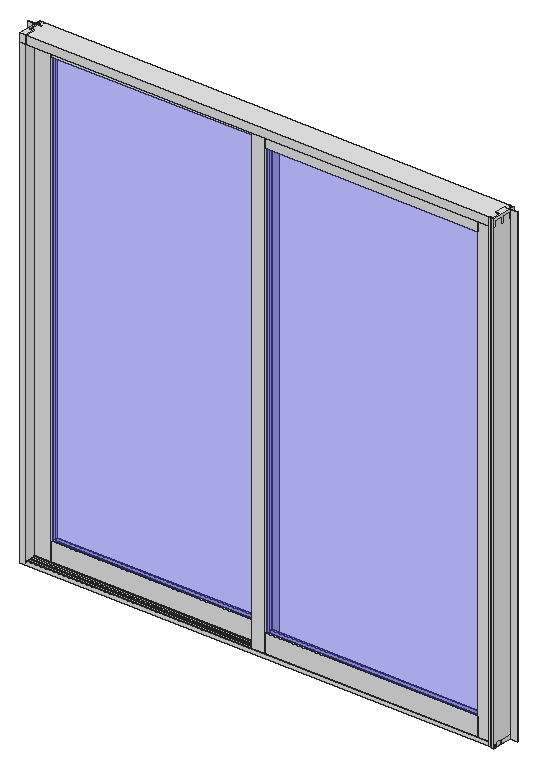
Revit family "Standard-Nail-On-XX-Sliding-Door-with-Low-Sill-and-Standard-Hardware", category Doors, host Wall, Revit 2026
Family settings
  Host = Wall
  Classification Number = 23.30.10.14.11
  Always vertical = Yes
  Cut with Voids When Loaded = No
  Shared = No
  Room Calculation Point = No
Parameters (values of type "2 Panel Sliding Door - XX")
  Wall Thickness [instance] = 0' - 6"
  URL = "https://www.allweatheraa.com/"
  Type Comments = "Multi-Panel Sliding Door"  # constant formula
  CD_Width Panel = ((CD_Width Opening + (0' 2 39/64" * (CD_Number of Panels - 1))) / CD_Number of Panels)  # 4' - 0.93164"
  CD_Width Opening = CD_Width - 0' 0 191/256"  # 7' - 11 65/256"
  CD_Width Min Panel = 2' - 8"  # constant formula
  CD_Width Min = (2 * CD_Width Min Panel) + 0' 0 3/4"  # 5' - 4 3/4"
  CD_Width Max Panel = 8' - 0"  # constant formula
  CD_Width Max = (2 * CD_Width Max Panel) + 0' 0 3/4"  # 16' - 0 3/4"
  CD_Width = if(CD_Requested Width > CD_Width Max, CD_Width Max, if(CD_Requested Width < CD_Width Min, CD_Width Min, CD_Requested Width))  # 8' - 0"
  CD_Warranty = "https://www.allweatheraa.com/warranties/"
  CD_Thickness = 0' - 4"  # constant formula
  CD_Specification = "http://allweatheraa.com/specs-cad-bim/"
  CD_Sill Height = 0' - 0 3/4"  # constant formula
  CD_Product Page URL = "https://www.allweatheraa.com/product-series-8150/"
  CD_Product Name = "Series 8150"  # constant formula
  CD_Product Documentation Link = "https://www.allweatheraa.com/architectural-manual/"
  CD_Microsite = "https://microsite.caddetails.com/4461/"
  CD_Jamb Width Right = 0' - 1 1/8"  # constant formula
  CD_Jamb Width Left = 0' - 1 1/8"  # constant formula
  CD_Jamb Extensions Depth [instance] = if(CD_Jamb Extensions Calc > 0' 0 1/8", CD_Jamb Extensions Calc, 0' 0 1/8")  # 0' - 2"
  CD_Jamb Extensions Calc [instance] = Wall Thickness - (CD_Thickness) + CD_Offset - CD_Inset  # 0' - 2"
  CD_Finish Jamb Ext = Wood-By_Others
  Thickness = CD_Thickness  # 0' - 4"
  Rough Width = CD_Width + 0' 0 1/2"  # 8' - 0 1/2"
  Rough Height = CD_Height + 0' 0 1/2"  # 8' - 0 1/2"
  Operation = "Sliding"
  Model = "XX"  # constant formula
  Manufacturer = "All Weather Architectural Aluminum"  # constant formula
  Interior Trim = no
  Function = Exterior
  Frame Projection Ext. = 0' - 1"
  Frame Projection Int. = 0' - 1"
  Frame Width = 0' - 3"
  Height = CD_Height  # 8' - 0"
  Wall Closure = By host
  Width = CD_Width  # 8' - 0"
  CD_Height Panel = CD_Height - 0' 0 47/128" - 0' 1 1/16"  # 7' - 10 73/128"
  CD_Height Min Panel = 3' - 10"  # constant formula
  CD_Height Max Panel = 12' - 0"  # constant formula
  CD_Height = if(CD_Requested Height > CD_Height Max Panel + 0' 1 1/4", CD_Height Max Panel + 0' 1 1/4", if(CD_Requested Height < CD_Height Min Panel + 0' 1 1/4", CD_Height Min Panel + 0' 1 1/4", CD_Requested Height))  # 8' - 0"
  CD_Head Height = 0' - 1 73/128"  # constant formula
  CD_Finish Interior Trim = Metal-Aluminum-All_Weather-Standard-White
  CD_Finish Exterior Trim = Wood-By_Others
  Exterior Trim = no
  Description = "Thermally Broken Stacking Door"  # constant formula
  Center Panel Location = (CD_Width Panel / 2) - 0' 1 5/16"  # 1' - 11.15332"
  CD_Requested Width = 8' - 0"
  CD_Requested Height = 8' - 0"
  CD_Offset = 0' - 0"
  CD_Number of Panels = 2  # constant formula
  CD_Jamb Extension = no
  CD_Inset = 0' - 0"
  CD_Finish Glass = Glass-All_Weather-OA-Insulated_Glass
  CD_Finish = Metal-Aluminum-All_Weather-Standard-White
  Assembly Code = "B2030110"
  Analytic Construction = "<None>"
Reference planes (in)
  plane 1 "Center (Front/Back)": y = 0
  plane 2 "Center (Left/Right)": x = 0
  plane 3 "Left": x = -48
  plane 4 "Right": x = 48
  plane 5 "Top": z = 96
  plane 6 "Exterior": y = 3
  plane 7 "Interior": y = -3
  plane 8 "Nail Fin": y = 3
  plane 9 "Inset": y = 3
  plane 10 "Front": y = 3
  plane 11 "Back": y = -1
  plane 12 "Bottom of Sill": z = 0
  plane 13 "Right Jamb": x = 46.875
  plane 14 "Left Jamb": x = -46.875
  plane 15 "Bottom of Header": z = 94.42969
  plane 16 "Top of Sill": z = 0.75
  plane 17 "Exterior Doors": y = 2
  plane 18 "Interior Doors": y = 0
  plane 19 "Door Sill Offset": z = 0.3674
Forms (in)
  Extrusion 1, solid, material "Wood-By_Others" <- "CD_Finish Exterior Trim", visible <- "Exterior Trim"
    sketch origin (-90, 3, 0) x (-1, 0, 0) y (0, 0, 1)
      loop
        line (-42, 95.63672) -> (-42, 0) -> (-39, 0) -> (-39, 98.63672) -> (-141, 98.63672) -> (-141, 0) -> (-138, 0) -> (-138, 95.63672) -> (-42, 95.63672)
    from 0 to 1
  Extrusion 2, solid, material "Metal-Aluminum-All_Weather-Standard-White" <- "CD_Finish Interior Trim", visible <- "Interior Trim"
    sketch origin (-90, -3, 0) x (1, 0, 0) y (0, 0, 1)
      loop
        line (42, 0) -> (42, 95.63672) -> (138, 95.63672) -> (138, 0) -> (141, 0) -> (141, 98.63672) -> (39, 98.63672) -> (39, 0) -> (42, 0)
    from 0 to 1
  Sweep 3, solid, material "Metal-Aluminum-All_Weather-Standard-White" <- "CD_Finish", detail levels fine
    path origin (0, -1, 0) x (-1, 0, 0) y (0, 0, 1)
      loop
        line (48, 0) -> (48, 96)
    profile origin (-48, -1, 48) x (1, 0, 0) y (0, 1, 0)
      loop
        line (0, 0) -> (1.12385, 0) -> (1.12385, 2.168) -> (0.77985, 2.168) -> (0.77985, 2.043) -> (0.37385, 2.043) -> (0.37385, 3.946) -> (0.77985, 3.946) -> (0.77985, 3.856) -> (1.12385, 3.856) -> (1.12385, 4.016) -> (0.37385, 4.016) -> (0.37385, 4.884) -> (0.99885, 4.884) -> (0.99885, 4.954) -> (0, 4.954) -> (0, 4.5493) -> (0.07, 4.5493) -> (0.07, 4.884) -> (0.30385, 4.884) -> (0.30385, 4.024) -> (-1.5, 4.024) -> (-1.5, 3.954) -> (0, 3.954) -> (0, 0)
  Extrusion 4, solid, material "Wood-By_Others" <- "CD_Finish Jamb Ext", visible <- "CD_Jamb Extension"
    sketch origin (0, 0, 0) x (1, 0, 0) y (0, 0, 1)
      loop
        line (-48, 0) -> (-47.375, 0) -> (-47.375, 95.375) -> (47.375, 95.375) -> (47.375, 0) -> (48, 0) -> (48, 96) -> (-48, 96) -> (-48, 0)
    from 1 to 3
  Sweep 5, solid, material "Metal-Aluminum-All_Weather-Standard-White" <- "CD_Finish", detail levels fine
    path origin (0, 3, 0) x (-1, 0, 0) y (0, 0, 1)
      loop
        line (-48, 96) -> (48, 96)
    profile origin (0, 3, 96) x (0, 0, 1) y (0, 1, 0)
      loop
        line (0, 0.954) -> (-1.08885, 0.954) -> (-1.08885, 0.705) -> (-0.37385, 0.705) -> (-0.37385, 0.388) -> (-0.65885, 0.388) -> (-0.65885, 0.328) -> (-0.37385, 0.328) -> (-0.37385, 0.016) -> (-1.57, 0.016) -> (-1.57, -0.152) -> (-0.37385, -0.152) -> (-0.37385, -1.84) -> (-1.57, -1.84) -> (-1.57, -2.152) -> (-0.37385, -2.152) -> (-0.37385, -3.84) -> (-1.57, -3.84) -> (-1.57, -4) -> (0, -4) -> (0, 0.954)
  Sweep 6, solid, material "Metal-Aluminum-All_Weather-Standard-White" <- "CD_Finish", detail levels fine
    path origin (0, 3, 0) x (-1, 0, 0) y (0, 0, 1)
      loop
        line (-48, 0) -> (48, 0)
    profile origin (0, 3, 0) x (0, 0, 1) y (0, 1, 0)
      loop
        line (0, 0.864) -> (0, -4) -> (0.75, -4) -> (0.75, -3.84) -> (0.185, -3.84) -> (0.14641, -3.40801) -> (0.75, -3.40801) -> (0.75, -3.18981) -> (0.35379, -3.18981) -> (0.35379, -2.80325) -> (0.75, -2.80325) -> (0.75, -2.58399) -> (0.14734, -2.58399) -> (0.17792, -2.152) -> (0.75, -2.152) -> (0.75, -1.18181) -> (0.35379, -1.18181) -> (0.35379, -0.79525) -> (0.75, -0.79525) -> (0.75, 0.016) -> (0.13, 0.016) -> (0.10974, 0.328) -> (0.4048, 0.328) -> (0.4048, 0.388) -> (0.10584, 0.388) -> (0.07494, 0.864) -> (0, 0.864)
  Extrusion 7, solid, material "Metal-Aluminum-All_Weather-Standard-White" <- "CD_Finish", detail levels coarse+medium
    sketch origin (0, 3, 0) x (-1, 0, 0) y (0, 0, 1)
      loop
        line (-48, 96) -> (-48, 0) -> (48, 0) -> (48, 96) -> (-48, 96)
      loop
        line (46.875, 0.75) -> (46.875, 94.42969) -> (-46.875, 94.42969) -> (-46.875, 0.75) -> (46.875, 0.75)
    from 0 to -4
  Sweep 8, solid, material "Metal-Aluminum-All_Weather-Standard-White" <- "CD_Finish", detail levels fine
    path origin (0, -1, 0) x (1, 0, 0) y (0, 0, 1)
      loop
        line (48, 0) -> (48, 96)
    profile origin (48, -1, 48) x (1, 0, 0) y (0, 1, 0)
      loop
        line (0, 0) -> (0, 3.954) -> (1.5, 3.954) -> (1.5, 4.024) -> (-0.30385, 4.024) -> (-0.30385, 4.884) -> (-0.07, 4.884) -> (-0.07, 4.5493) -> (0, 4.5493) -> (0, 4.954) -> (-0.99885, 4.954) -> (-0.99885, 4.884) -> (-0.37385, 4.884) -> (-0.37385, 4.016) -> (-1.12385, 4.016) -> (-1.12385, 1.84816) -> (-0.77985, 1.84816) -> (-0.77985, 1.93816) -> (-0.37385, 1.93816) -> (-0.37385, 0.03516) -> (-0.77985, 0.03516) -> (-0.77985, 0.16016) -> (-1.12385, 0.16016) -> (-1.12385, 0) -> (0, 0)
Cuts and joins
  joined: Sweep 3, Sweep 6
Lines and regions (in)
  Opening 1
    outline origin (-90, -3, 0) x (1, 0, 0) y (0, 0, 1)
      loop
        line (42, 0) -> (138, 0) -> (138, 96) -> (42, 96) -> (42, 0)
  Masking region 1, visible <- "CD_Jamb Extension"
    outline origin (0, 0, 0) x (0, 1, 0) y (0, 0, 1)
      loop
        line (-1, 96) -> (-3, 96) -> (-3, 95.375) -> (-1, 95.375) -> (-1, 96)
  Masking region 2, visible <- "CD_Jamb Extension"
    outline origin (0, 0, 0) x (1, 0, 0) y (0, 1, 0)
      loop
        line (48, -3) -> (48, -1) -> (47.375, -1) -> (47.375, -3) -> (48, -3)
      loop
        line (-48, -3) -> (-47.375, -3) -> (-47.375, -1) -> (-48, -1) -> (-48, -3)
Text (in)
  text "Exterior" at (-74.96733, 27.31104, 0), in view "Ref. Level"
  text "Interior" at (-74.96733, -25.14366, 0), in view "Ref. Level"
  text "Exterior" at (0, 40.15149, 123.01588), in view "Right"
  text "Interior" at (0, -64.39139, 123.01588), in view "Right"
  text "Interior" at (0, -31.01599, 123.00693), in view "Left"
  text "Exterior" at (0, 54.57065, 123.00693), in view "Left"
Dimensions and locks (in)
  equal spacing: plane 3 "Left", plane 2 "Center (Left/Right)", plane 4 "Right"
  "Height": level to plane 5 "Top"
  "Width": plane 3 "Left" to plane 4 "Right"
  "Frame Width": Extrusion 2 sketch curve to plane 3 "Left"
  "Frame Width": Extrusion 2 sketch curve to plane 4 "Right"
  "Frame Width": Extrusion 1 sketch curve to Extrusion 1 sketch curve  (x3)
  host wall to plane 5 "Top" = 8' - 0"
  "Frame Projection Int.": Extrusion 2 to host wall
  "Frame Projection Ext.": Extrusion 1 to host wall
  "CD_Offset": plane 8 "Nail Fin" to plane 9 "Inset"
  "CD_Inset": plane 6 "Exterior" to plane 9 "Inset"
  locked: plane 10 "Front" to plane 8 "Nail Fin" at 0
  "Thickness": plane 10 "Front" to plane 11 "Back"
  plane 12 "Bottom of Sill" to level = 0' - 0"
  locked: Extrusion 1 sketch curve to plane 5 "Top" at 0.36328
  locked: Extrusion 2 sketch curve to plane 5 "Top" at 0.36328
  "Frame Width": Extrusion 2 sketch curve to Extrusion 2 sketch curve
  plane 5 "Top" to level = 8' - 0"
  locked: Extrusion 4 sketch curve to Extrusion 2 at 0.625  (x2)
  locked: plane 5 "Top" to Extrusion 4 sketch curve at 0.625
  "CD_Jamb Extensions Depth": Extrusion 4 to Extrusion 4
  "Wall Thickness": host wall to host wall
  plane 3 "Left" to plane 4 "Right" = 8' - 0"
  "Thickness": plane 10 "Front" to Extrusion 7
  "CD_Jamb Extensions Depth": Masking region 1 sketch curve to plane 7 "Interior"
  locked: plane 5 "Top" to Masking region 1 sketch curve at 0.625
  locked: plane 3 "Left" to Masking region 2 sketch curve at 0.625
  locked: Masking region 2 sketch curve to plane 4 "Right" at 0.625
  "CD_Jamb Extensions Depth": plane 7 "Interior" to Masking region 2 sketch curve  (x2)
  Sweep 3 sketch curve to Sweep 3 sketch curve to Sweep 3 sketch curve to profile plane to Sweep 3 sketch curve to Sweep 3 sketch curve to Sweep 3 sketch curve to Sweep 3 sketch curve to Sweep 3 sketch curve to Sweep 3 sketch curve to Sweep 3 sketch curve to Sweep 3 sketch curve = 0' - 1 1/2" locked, 0' - 0" locked, 0' - 0" locked, 0' - 0.07" locked, 0' - 0.23385" locked, 0' - 0.07" locked, 0' - 0.406" locked, 0' - 0" locked, 0' - 0.219" locked, 0' - 0 1/8" locked, 0' - 0" locked
  Sweep 3 sketch curve to Sweep 3 sketch curve to Sweep 3 sketch curve to Sweep 3 sketch curve to Sweep 3 sketch curve to Sweep 3 sketch curve to Sweep 3 sketch curve to Sweep 3 sketch curve to Sweep 3 sketch curve to Sweep 3 sketch curve to Sweep 3 sketch curve to profile plane to Sweep 3 sketch curve = 0' - 0.07" locked, 0' - 0" locked, 0' - 0.3347" locked, 0' - 0.5253" locked, 0' - 0.008" locked, 0' - 0.062" locked, 0' - 0.008" locked, 0' - 0.09" locked, 0' - 1.688" locked, 0' - 0 1/8" locked, 0' - 2.043" locked, 0' - 0" locked
  Sweep 8 sketch curve to Sweep 8 sketch curve to Sweep 8 sketch curve to Sweep 8 sketch curve to Sweep 8 sketch curve to Sweep 8 sketch curve to Sweep 8 sketch curve to Sweep 8 sketch curve to Sweep 8 sketch curve to Sweep 8 sketch curve to profile plane to Sweep 8 sketch curve = 0' - 0" locked, 0' - 0 1/8", 0' - 0.219", 0' - 0" locked, 0' - 0.406", 0' - 0.07" locked, 0' - 0.23385" locked, 0' - 0.07", 0' - 0" locked, 0' - 0" locked, 0' - 1 1/2"
  Sweep 8 sketch curve to Sweep 8 sketch curve to Sweep 8 sketch curve to Sweep 8 sketch curve to Sweep 8 sketch curve to Sweep 8 sketch curve to Sweep 8 sketch curve to Sweep 8 sketch curve to Sweep 8 sketch curve to Sweep 8 sketch curve to Sweep 8 sketch curve to profile plane to Sweep 8 sketch curve = 0' - 0.07" locked, 0' - 0" locked, 0' - 0.3347" locked, 0' - 0.5253" locked, 0' - 0.008" locked, 0' - 0.062" locked, 0' - 2.01584" locked, 0' - 0.09" locked, 0' - 1.688" locked, 0' - 0 1/8" locked, 0' - 0 9/256" locked, 0' - 0" locked
  "CD_Jamb Width Right": plane 13 "Right Jamb" to plane 4 "Right"
  "CD_Jamb Width Left": plane 3 "Left" to plane 14 "Left Jamb"
  "CD_Head Height": plane 15 "Bottom of Header" to plane 5 "Top"
  "CD_Sill Height": level to plane 16 "Top of Sill"
  Sweep 6 sketch curve to Sweep 6 sketch curve to Sweep 6 sketch curve to Sweep 6 sketch curve to profile plane to Sweep 6 sketch curve to Sweep 6 sketch curve to Sweep 6 sketch curve to Sweep 6 sketch curve to Sweep 6 sketch curve to Sweep 6 sketch curve to Sweep 6 sketch curve to Sweep 6 sketch curve to Sweep 6 sketch curve = 0' - 0.476" locked, 0' - 0.06" locked, 0' - 0.312" locked, 0' - 0.016" locked, 0' - 0.79525" locked, 0' - 0.38656" locked, 0' - 0.97019" locked, 0' - 0.43199" locked, 0' - 0.21926" locked, 0' - 0.38656" locked, 0' - 0.2182" locked, 0' - 0.43199" locked, 0' - 0.16" locked
  profile plane to Sweep 8 to Sweep 6 sketch curve to Sweep 6 sketch curve to Sweep 6 sketch curve to Sweep 6 sketch curve to Sweep 6 sketch curve to Sweep 6 sketch curve to Sweep 6 sketch curve to Sweep 6 sketch curve to Sweep 6 sketch curve to Sweep 6 sketch curve to Sweep 6 sketch curve to Sweep 6 sketch curve to Sweep 6 sketch curve to Sweep 6 sketch curve to Sweep 6 sketch curve to Sweep 6 sketch curve = 0' - 0" locked, 0' - 0.07494" locked, 0' - 0.03091" locked, 0' - 0 1/256" locked, 0' - 0.02026" locked, 0' - 0.01641" locked, 0' - 0.00093" locked, 0' - 0.03058" locked, 0' - 0.00708" locked, 0' - 0.16879" locked, 0' - 0" locked, 0' - 0.05101" locked, 0' - 0.3452" locked, 0' - 0" locked, 0' - 0" locked, 0' - 0" locked, 0' - 0" locked
  Sweep 5 sketch curve to Sweep 5 sketch curve to Sweep 5 sketch curve to Sweep 5 sketch curve to Sweep 5 sketch curve to profile plane to Sweep 5 sketch curve to Sweep 5 sketch curve to Sweep 5 sketch curve to Sweep 5 sketch curve to Sweep 5 sketch curve = 0' - 0.249" locked, 0' - 0.317" locked, 0' - 0.06" locked, 0' - 0.312" locked, 0' - 0.016" locked, 0' - 0.152" locked, 0' - 1.688" locked, 0' - 0.312" locked, 0' - 1.688" locked, 0' - 0.16" locked
  Sweep 5 sketch curve to Sweep 5 sketch curve to Sweep 5 sketch curve to Sweep 5 sketch curve to Sweep 5 sketch curve to Sweep 5 sketch curve to Sweep 5 sketch curve to Sweep 5 sketch curve to profile plane to Sweep 5 sketch curve = 0' - 0" locked, 0' - 0" locked, 0' - 0.48115" locked, 0' - 0.43" locked, 0' - 0.285" locked, 0' - 0" locked, 0' - 0" locked, 0' - 0.37385" locked, 0' - 0" locked
  locked: plane 10 "Front" to plane 17 "Exterior Doors" at 1
  locked: plane 10 "Front" to plane 18 "Interior Doors" at 3
  locked: plane 3 "Left" to nested 2 at 0.36919
  locked: plane 19 "Door Sill Offset" to level at 0.3674
  locked: nested 1 to plane 4 "Right" at 0.37691
  aligned and locked: plane 3 "Left" to Opening 1 sketch curve
  aligned and locked: plane 5 "Top" to Opening 1 sketch curve  (x2)
  aligned and locked: Opening 1 sketch curve to plane 4 "Right"
  aligned and locked: Opening 1 sketch curve to level
  aligned and locked: plane 3 "Left" to Extrusion 1 sketch curve
  aligned and locked: Extrusion 1 sketch curve to plane 3 "Left"
  aligned and locked: level to Extrusion 1 sketch curve
  aligned and locked: plane 4 "Right" to Extrusion 1 sketch curve
  aligned and locked: Extrusion 1 to host wall
  aligned and locked: plane 3 "Left" to Extrusion 2 sketch curve
  aligned and locked: plane 4 "Right" to Extrusion 2 sketch curve  (x2)
  aligned and locked: level to Extrusion 2 sketch curve
  aligned and locked: Extrusion 2 sketch curve to level
  aligned and locked: Extrusion 2 to host wall
  aligned and locked: plane 6 "Exterior" to host wall
  aligned and locked: host wall to plane 7 "Interior"
  aligned and locked: plane 3 "Left" to Sweep 3 sketch curve
  aligned and locked: plane 7 "Interior" to Extrusion 4
  aligned and locked: plane 4 "Right" to Sweep 5 sketch curve
  aligned and locked: plane 3 "Left" to Sweep 5 sketch curve
  aligned and locked: plane 3 "Left" to Sweep 6 sketch curve
  aligned and locked: plane 4 "Right" to Sweep 6 sketch curve
  aligned and locked: Sweep 6 sketch curve to level
  aligned and locked: plane 10 "Front" to Extrusion 7
  aligned and locked: cut or joined group of Sweep 3, Sweep 6 to Masking region 2 sketch curve  (x2)
  aligned and locked: plane 4 "Right" to Sweep 8 sketch curve
  aligned and locked: plane 5 "Top" to Sweep 8 sketch curve
  aligned and locked: level to Sweep 8 sketch curve
  aligned and locked: plane 4 "Right" to Extrusion 7 sketch curve
  aligned and locked: plane 13 "Right Jamb" to Extrusion 7 sketch curve
  aligned and locked: plane 5 "Top" to Extrusion 7 sketch curve
  aligned and locked: plane 15 "Bottom of Header" to Extrusion 7 sketch curve
  aligned and locked: Extrusion 7 sketch curve to plane 3 "Left"
  aligned and locked: Extrusion 7 sketch curve to plane 14 "Left Jamb"
  aligned and locked: level to Extrusion 7 sketch curve
  aligned and locked: plane 16 "Top of Sill" to Extrusion 7 sketch curve
  aligned and locked: nested 2 to plane 17 "Exterior Doors"
  aligned and locked: nested 1 to plane 18 "Interior Doors"
  aligned and locked: nested 1 to plane 19 "Door Sill Offset"
  aligned and locked: nested 2 to plane 19 "Door Sill Offset"
Automatic sketch dimensions
  Extrusion 1 sketch curve to level = 0' - 0"
  Extrusion 2 sketch curve to level = 0' - 0"
  Sweep 3 sketch curve to level = 0' - 0"
  Sweep 3 sketch curve to plane 5 "Top" = 0' - 0"
  plane 3 "Left" to Extrusion 4 sketch curve = 0' - 0"
  plane 4 "Right" to Extrusion 4 sketch curve = 0' - 0"
  Extrusion 4 sketch curve to level = 0' - 0"  (x2)
  Extrusion 4 sketch curve to plane 5 "Top" = 0' - 0"
  Sweep 5 sketch curve to plane 5 "Top" = 0' - 0"
  Sweep 6 sketch curve to profile plane = 0' - 0"
  Sweep 3 sketch curve to Sweep 3 sketch curve = 0' - 0"
  Sweep 8 sketch curve to Sweep 8 sketch curve = 0' - 0"
  Sweep 5 sketch curve to Sweep 5 sketch curve = 0' - 0"
  Masking region 1 sketch curve to host wall = 0' - 0"
  plane 5 "Top" to Masking region 1 sketch curve = 0' - 0"
  host wall to Masking region 2 sketch curve = 0' - 0"  (x2)
Nested families (in)
  nested 1: "Nested-Panel-All_Weather-Series_8150" at (23.15727, 0.11336, 0.3674), type "Active Left"
    with CD_Arrow Right yes, CD_Arrow Left no, CD_Width 4' - 0.93164", CD_Pull no, CD_Jamb Width Right 0' - 3 51/256", CD_Internal Door no
  nested 2: "Nested-Panel-All_Weather-Series_8150" at (-23.16499, 2.11336, 0.3674), type "Active Right"
    with CD_Arrow Right no, CD_Arrow Left yes, CD_Width 4' - 0.93164", CD_Pull Jamb no, CD_Pull no, CD_Jamb yes, CD_Jamb Width Right 0' - 2 39/64", CD_Jamb Width Left 0' - 4 19/256", CD_Internal Door no, CD_Center Panel Right yes, CD_Center Panel Left no
Definition of nested family "Nested-Panel-All_Weather-Series_8150"
  Parameters (values of type "Active Right")
    URL = "http://www.weathershield.com"
    Type Comments = "Panel with Inside Jamb"
    Model = "8150"  # constant formula
    Manufacturer = "All Weather Architectural Aluminum"  # constant formula
    Description = "Stacking Door Panel"  # constant formula
    Default Elevation = 4' - 0"
    CD_Width = 3' - 1.0791"
    CD_Thickness = 0' - 1 1/2"  # constant formula
    CD_Sill Height = 0' - 4 27/256"  # constant formula
    CD_Pull Jamb = yes
    CD_Pull = yes
    CD_Jamb = no
    CD_Product Page URL = "https://www.allweatheraa.com/doors/series-8150-sliding-doors/"
    CD_Product Documentation Link = "https://www.allweatheraa.com/architectural-manual/"
    CD_Jamb Width Right = if(CD_Pull, 0' 2 23/32", if(CD_Internal Door, 0' 2 159/256", if(CD_Pull Jamb, 0' 3 51/256", 0' 2 39/64")))  # 0' - 2 23/32"
    CD_Jamb Width Left = if(CD_Jamb, 0' 4 19/256", 0' 2 39/64")  # 0' - 2 39/64"
    CD_Internal Door = yes
    CD_Height = 7' - 10 73/128"
    CD_Head Height = 0' - 2 5/8"  # constant formula
    CD_Glass Thickness = 0' - 1"  # constant formula
    CD_Glass Offset = 0' - 0 1/4"  # constant formula
    CD_Glass Inset = 0' - 0 169/256"  # constant formula
    CD_Finish Glass = none
    CD_Finish = none
    CD_Center Panel Right = no
    CD_Center Panel Left = yes
    CD_Arrow Right [instance] = no
    CD_Arrow Left [instance] = no
  Types (3): name | CD_Pull Jamb | CD_Pull | CD_Jamb | CD_Jamb Width Right | CD_Jamb Width Left | CD_Internal Door | CD_Center Panel Right | CD_Center Panel Left
    Active Left | yes | yes | no | 0' - 2 23/32" | 0' - 2 39/64" | yes | no | yes
    Fixed | no | no | yes | 0' - 2 39/64" | 0' - 4 19/256" | no | yes | no
    Active Right | yes | yes | no | 0' - 2 23/32" | 0' - 2 39/64" | yes | no | yes
  Reference planes (in)
    plane 1 "Center (Front/Back)": y = 0.11336
    plane 2 "Bottom": z = 0
    plane 3 "Center (Left/Right)": x = 0
    plane 4 "Front": y = 0.86336
    plane 5 "Back": y = -0.63664
    plane 6 "Left": x = -18.53955
    plane 7 "Right": x = 18.53955
    plane 8 "Top": z = 94.57031
    plane 9 "Glass Front": y = 0.61336
    plane 10 "Glass Back": y = -0.38664
    plane 11 "Glass Top": z = 92.60547
    plane 12 "Glass Bottom": z = 3.44531
    plane 13 "Glass Left": x = -16.59033
    plane 14 "Glass Right": x = 16.48096
    plane 15 "Center (Elevation)": z = 48.02539
    plane 16 "DLO Bottom": z = 4.10547
    plane 17 "DLO Top": z = 91.94531
    plane 18 "DLO Left": x = -15.93018
    plane 19 "DLO Right": x = 15.8208
    plane 20: y = 0.11336
  Forms (in)
    Extrusion 1, solid, material <- "CD_Finish Glass", detail levels coarse
      sketch origin (0, 0, 0) x (1, 0, 0) y (0, 1, 0)
        loop
          line (-15.93018, -0.38664) -> (15.8208, -0.38664) -> (15.8208, 0.61336) -> (-15.93018, 0.61336) -> (-15.93018, -0.38664)
      from 4.10547 to 91.94531
    Sweep 2, solid, material <- "CD_Finish", detail levels medium+fine
      path origin (0, 0.61336, -0.65988) x (-1, 0, 0) y (0, 0, 1)
        loop
          line (-15.8208, 0.65988) -> (15.93018, 0.65988)
      profile origin (-0.05469, 0.61336, 0) x (0, 0, 1) y (0, 1, 0)
        loop
          line (0, 0.2055) -> (0, 0.0495) -> (0.89378, 0.0495) -> (0.89378, -1.05052) -> (0, -1.05052) -> (0, -1.20652) -> (4.10547, -1.20652) -> (4.10547, -1.0615) -> (3.44531, -1.0615) -> (3.44531, 0.0615) -> (4.10547, 0.0615) -> (4.10547, 0.2055) -> (0, 0.2055)
    Sweep 3, solid, material <- "CD_Finish", visible <- "CD_Jamb", detail levels medium+fine
      path origin (0, 0.86336, 0) x (-1, 0, 0) y (0, 0, 1)
        loop
          line (18.53955, 0) -> (18.53955, 94.57031)
      profile origin (-18.53955, 0.86336, 47.28516) x (1, 0, 0) y (0, 1, 0)
        loop
          line (0, 0) -> (0, -0.08) -> (0.23483, -0.08) -> (0.23483, -1.42002) -> (0, -1.42002) -> (0, -1.5) -> (2.60938, -1.5) -> (2.60938, -1.31202) -> (1.94922, -1.31202) -> (1.94922, -0.188) -> (2.60938, -0.188) -> (2.60938, 0) -> (0, 0)
    Sweep 4, solid, material <- "CD_Finish", visible <- "CD_Center Panel Right", detail levels medium+fine
      path origin (0, 0.86336, 0) x (1, 0, 0) y (0, 0, 1)
        loop
          line (18.53955, 0) -> (18.53955, 94.57031)
      profile origin (18.53955, 0.86336, 47.28516) x (1, 0, 0) y (0, 1, 0)
        loop
          line (0, -1.50002) -> (0, -0.00007) -> (-1.80474, -0.00007) -> (-1.80474, 0.40071) -> (-2.50112, 0.40071) -> (-2.59855, 0.3746) -> (-2.59855, 0.27635) -> (-1.90472, 0.27635) -> (-1.90472, 0) -> (-2.71875, 0) -> (-2.71875, -0.188) -> (-2.05859, -0.188) -> (-2.05859, -1.31202) -> (-2.71875, -1.31202) -> (-2.71875, -1.50002) -> (0, -1.50002)
    Sweep 5, solid, material <- "CD_Finish", detail levels medium+fine
      path origin (0, 0.86336, 0) x (-1, 0, 0) y (0, 0, 1)
        loop
          line (15.93018, 94.57031) -> (-15.8208, 94.57031)
      profile origin (-0.05469, 0.86336, 94.57031) x (0, 0, -1) y (0, 1, 0)
        loop
          line (2.625, -0.04395) -> (0, -0.04395) -> (0, -0.12201) -> (0.09375, -0.12201) -> (0.09375, -1.37792) -> (0, -1.37792) -> (0, -1.45597) -> (2.625, -1.45597) -> (2.625, -1.31197) -> (1.96484, -1.31197) -> (1.96484, -0.18788) -> (2.625, -0.18788) -> (2.625, -0.04395)
    Extrusion 6, solid, material <- "CD_Finish", visible <- "CD_Center Panel Left", detail levels medium+fine
      sketch origin (0, 0, 0) x (1, 0, 0) y (0, 1, 0)
        loop
          line (-18.53955, 0.86336) -> (-18.53955, -1.03737) -> (-17.84317, -1.03737) -> (-17.74574, -1.01127) -> (-17.74574, -0.91302) -> (-18.43957, -0.91302) -> (-18.43957, -0.63667) -> (-15.93018, -0.63667) -> (-15.93018, -0.44867) -> (-16.59033, -0.44867) -> (-16.59033, 0.67536) -> (-15.93018, 0.67536) -> (-15.93018, 0.86336) -> (-18.53955, 0.86336)
      from 0 to 94.57031
    Extrusion 7, solid, material <- "CD_Finish", detail levels coarse
      sketch origin (0, 0.61336, 0) x (-1, 0, 0) y (0, 0, 1)
        loop
          line (18.53955, 94.0625) -> (-18.53955, 94.0625) -> (-18.53955, 0.38281) -> (18.53955, 0.38281) -> (18.53955, 94.0625)
        loop
          line (-15.8208, 4.10547) -> (15.93018, 4.10547) -> (15.93018, 91.94531) -> (-15.8208, 91.94531) -> (-15.8208, 4.10547)
      from -1.25 to 0.25
    Sweep 8, solid, material <- "CD_Finish", visible <- "CD_Pull Jamb", detail levels medium+fine
      path origin (0, 0.86328, 0) x (1, 0, 0) y (0, 0, 1)
        loop
          line (18.53955, 0) -> (18.53955, 94.57031)
      profile origin (18.53955, 0.86328, 47.28516) x (1, 0, 0) y (0, 1, 0)
        loop
          line (0, -1.5) -> (0, -1.42) -> (-0.23483, -1.42) -> (-0.23483, -0.07998) -> (0, -0.07998) -> (0, 0) -> (-2.71875, 0) -> (-2.71875, -0.18798) -> (-2.05859, -0.18798) -> (-2.05859, -1.312) -> (-2.71875, -1.312) -> (-2.71875, -1.5) -> (0, -1.5)
    Sweep 9, solid, material <- "CD_Finish", visible <- "CD_Internal Door", detail levels medium+fine
      path origin (14, 0.86328, 0) x (1, 0, 0) y (0, 0, -1)
        loop
          line (4.53955, 0) -> (4.53955, -94.57031)
      profile origin (18.53955, 0.86328, 47.28516) x (1, 0, 0) y (0, 1, 0)
        loop
          line (0.39414, -0.24462) -> (0, -0.24462) -> (0, -0.07998) -> (-0.23483, -0.07998) -> (-0.23483, -1.42) -> (0, -1.42) -> (0, -1.25523) -> (0.39414, -1.25523) -> (0.39414, -0.24462)
    Extrusion 10, solid, material <- "CD_Finish Glass", detail levels medium+fine
      sketch origin (0, 0, 0) x (1, 0, 0) y (0, 1, 0)
        loop
          line (-16.59033, 0.43452) -> (16.48096, 0.43452) -> (16.48096, 0.61336) -> (-16.59033, 0.61336) -> (-16.59033, 0.43452)
        loop
          line (16.48096, -0.2078) -> (-16.59033, -0.2078) -> (-16.59033, -0.38664) -> (16.48096, -0.38664) -> (16.48096, -0.2078)
      from 3.44531 to 92.60547
  Lines and regions (in)
    Masking region 1, detail levels medium+fine
      outline origin (0, 0, 0) x (1, 0, 0) y (0, 1, 0)
        loop
          line (-16.59033, 0.61336) -> (-16.59033, 0.43452) -> (16.48096, 0.43452) -> (16.48096, 0.61336) -> (-16.59033, 0.61336)
        loop
          line (-16.59033, -0.2078) -> (-16.59033, -0.38664) -> (16.48096, -0.38664) -> (16.48096, -0.2078) -> (-16.59033, -0.2078)
    Masking region 2, detail levels medium+fine
      outline origin (0, 0, 94.57031) x (0, 1, 0) y (-1, 0, 0)
        loop
          line (0.61336, -16.48096) -> (0.61336, -15.8208) -> (0.81886, -15.8208) -> (0.81886, 15.93018) -> (0.61336, 15.93018) -> (0.61336, 16.59033) -> (-0.38664, 16.59033) -> (-0.38664, 15.93018) -> (-0.59317, 15.93018) -> (-0.59317, -15.8208) -> (-0.38664, -15.8208) -> (-0.38664, -16.48096) -> (0.61336, -16.48096)
    Masking region 3, detail levels coarse
      outline origin (0, 0, 0) x (1, 0, 0) y (0, 1, 0)
        loop
          line (-15.93018, 0.61336) -> (-15.93018, -0.38664) -> (15.8208, -0.38664) -> (15.8208, 0.61336) -> (-15.93018, 0.61336)
    Masking region 4, detail levels coarse
      outline origin (0, 0, 0) x (1, 0, 0) y (0, 1, 0)
        loop
          line (-18.53955, 0.86336) -> (-18.53955, -0.63664) -> (-15.93018, -0.63664) -> (-15.93018, 0.86336) -> (-18.53955, 0.86336)
        loop
          line (18.53955, 0.86336) -> (15.8208, 0.86336) -> (15.8208, -0.63664) -> (18.53955, -0.63664) -> (18.53955, 0.86336)
    symbolic lines, visible <- "CD_Arrow Left"
      curve 1: line (-14.17236, 0.61336, 45.02539) -> (-14.17236, 0.61336, 51.02539)
      curve 2: line (-14.17236, 0.61336, 45.02539) -> (-11.17236, 0.61336, 48.02539)
      curve 3: line (-11.17236, 0.61336, 48.02539) -> (-14.17236, 0.61336, 51.02539)
    symbolic lines, visible <- "CD_Arrow Right"
      curve 4: line (14.17236, 0.61336, 45.02539) -> (14.17236, 0.61336, 51.02539)
      curve 5: line (14.17236, 0.61336, 45.02539) -> (11.17236, 0.61336, 48.02539)
      curve 6: line (11.17236, 0.61336, 48.02539) -> (14.17236, 0.61336, 51.02539)
  Dimensions and locks (in)
    equal spacing: plane 6 "Left", plane 3 "Center (Left/Right)", plane 7 "Right"
    "CD_Width": plane 6 "Left" to plane 7 "Right"
    equal spacing: plane 4 "Front", plane 1 "Center (Front/Back)", plane 5 "Back"
    "CD_Thickness": plane 4 "Front" to plane 5 "Back"
    locked: plane 10 "Glass Back" to Masking region 1 sketch curve at 0.17884
    locked: plane 9 "Glass Front" to Masking region 1 sketch curve at 0.17884
    equal spacing: plane 11 "Glass Top", plane 15 "Center (Elevation)", plane 12 "Glass Bottom"
    "CD_Glass Inset": plane 16 "DLO Bottom" to plane 12 "Glass Bottom"
    "CD_Glass Inset": plane 11 "Glass Top" to plane 17 "DLO Top"
    "CD_Jamb Width Left": plane 6 "Left" to plane 18 "DLO Left"
    "CD_Jamb Width Right": plane 19 "DLO Right" to plane 7 "Right"
    equal spacing: plane 10 "Glass Back", plane 20, plane 9 "Glass Front"
    curve 3 to curve 3 to plane 15 "Center (Elevation)" to curve 2 = 0' - 3" locked, 0' - 0" locked, 0' - 3" locked
    plane 6 "Left" to curve 1 to curve 3 = 0' - 4 47/128" locked, 0' - 3" locked
    "CD_Height": plane 8 "Top" to plane 2 "Bottom"
    "CD_Glass Offset": Extrusion 7 to plane 10 "Glass Back"
    Extrusion 6 to plane 17 "DLO Top" = 0' - 2 5/8"
    curve 6 to curve 6 to plane 15 "Center (Elevation)" to curve 5 = 0' - 3" locked, 0' - 0" locked, 0' - 3" locked
    plane 7 "Right" to curve 4 to curve 6 = 0' - 4 47/128" locked, 0' - 3" locked
    "CD_Glass Inset": plane 13 "Glass Left" to plane 18 "DLO Left"
    "CD_Glass Inset": plane 19 "DLO Right" to plane 14 "Glass Right"
    locked: profile plane to Sweep 3 sketch curve at 0.23483
    profile plane to Sweep 3 sketch curve to Sweep 3 sketch curve to Sweep 3 sketch curve to Sweep 3 sketch curve to Sweep 3 sketch curve to Sweep 3 sketch curve = 0' - 0" locked, 0' - 0.08" locked, 0' - 0.108" locked, 0' - 1.12402" locked, 0' - 0.108" locked, 0' - 0.07998" locked
    plane 6 "Left" to Extrusion 6 sketch curve to Extrusion 6 sketch curve to Extrusion 6 sketch curve = 0' - 0.09998" locked, 0' - 0.5964" locked, 0' - 0.09743" locked
    Extrusion 6 sketch curve to plane 4 "Front" to Extrusion 6 sketch curve to Extrusion 6 sketch curve to Extrusion 6 sketch curve to Extrusion 6 sketch curve to Extrusion 6 sketch curve to Extrusion 6 sketch curve = 0' - 0" locked, 0' - 0.188" locked, 0' - 1.12402" locked, 0' - 0.188" locked, 0' - 0.27635" locked, 0' - 0.09825" locked, 0' - 0.02611" locked
    plane 19 "DLO Right" to Sweep 4 sketch curve to Sweep 4 sketch curve to Sweep 4 sketch curve to Sweep 4 sketch curve = 0' - 0.1202" locked, 0' - 0.09743" locked, 0' - 0.5964" locked, 0' - 0.09998" locked
    Sweep 4 sketch curve to Sweep 4 sketch curve to Sweep 4 sketch curve to profile plane to Sweep 4 sketch curve to Sweep 4 sketch curve to Sweep 4 sketch curve to Sweep 4 sketch curve to Sweep 4 sketch curve = 0' - 0.02611" locked, 0' - 0.09825" locked, 0' - 0.27635" locked, 0' - 0" locked, 0' - 0.00007" locked, 0' - 0.18793" locked, 0' - 1.12402" locked, 0' - 0.188" locked
    Sweep 8 sketch curve to Sweep 8 sketch curve to Sweep 8 sketch curve to Sweep 8 sketch curve to profile plane = 0' - 0.188" locked, 0' - 1.12402" locked, 0' - 0.18798" locked, 0' - 0" locked
    Extrusion 7 to Extrusion 7 = 0' - 1 1/2"
    "CD_Head Height": plane 8 "Top" to plane 17 "DLO Top"
    "CD_Sill Height": plane 16 "DLO Bottom" to level
    locked: Sweep 5 sketch curve to profile plane at 0.09375
    profile plane to Sweep 5 sketch curve to Sweep 5 sketch curve to Sweep 5 sketch curve = 0' - 0.04395" locked, 0' - 0.07806" locked, 0' - 0.06587" locked
    Sweep 5 sketch curve to Sweep 5 sketch curve to Sweep 5 sketch curve to plane 5 "Back" = 0' - 0.06594" locked, 0' - 0.07806" locked, 0' - 0.04403" locked
    plane 4 "Front" to Sweep 2 sketch curve to Sweep 2 sketch curve to Sweep 2 sketch curve = 0' - 0.0445" locked, 0' - 0.144" locked, 0' - 0.012" locked
    Sweep 2 sketch curve to Sweep 2 sketch curve to Sweep 2 sketch curve to plane 5 "Back" = 0' - 0.01098" locked, 0' - 0.14502" locked, 0' - 0.04348" locked
    "CD_Glass Offset": plane 4 "Front" to plane 9 "Glass Front"
    "CD_Glass Thickness": plane 9 "Glass Front" to plane 10 "Glass Back"
    Sweep 9 sketch curve to Sweep 9 sketch curve to profile plane to Sweep 9 sketch curve = 0' - 0.23483" locked, 0' - 0" locked, 0' - 0.39414" locked
    profile plane to Sweep 9 sketch curve to Sweep 9 sketch curve to Sweep 9 sketch curve to Sweep 9 sketch curve = 0' - 0.07998" locked, 0' - 0.16465" locked, 0' - 1.01061" locked, 0' - 0.16477" locked
    locked: Masking region 2 sketch curve to plane 5 "Back" at 0.04348
    locked: plane 4 "Front" to Masking region 2 sketch curve at 0.0445
    locked: Extrusion 7 sketch curve to plane 8 "Top" at 0.50781
    locked: Extrusion 10 sketch curve to plane 10 "Glass Back" at 0.17884
    locked: plane 9 "Glass Front" to Extrusion 10 sketch curve at 0.17884
    locked: Extrusion 7 sketch curve to level at 0.38281
    aligned and locked: plane 2 "Bottom" to level
    aligned and locked: plane 9 "Glass Front" to Extrusion 1 sketch curve
    aligned and locked: Extrusion 1 sketch curve to plane 10 "Glass Back"
    aligned and locked: Masking region 1 sketch curve to plane 9 "Glass Front"
    aligned and locked: plane 14 "Glass Right" to Masking region 1 sketch curve  (x2)
    aligned and locked: plane 10 "Glass Back" to Masking region 1 sketch curve
    aligned and locked: Masking region 1 sketch curve to plane 13 "Glass Left"  (x2)
    aligned and locked: Sweep 3 sketch curve to plane 6 "Left"
    aligned and locked: Sweep 5 sketch curve to plane 8 "Top"
    aligned and locked: plane 18 "DLO Left" to Sweep 5 sketch curve
    aligned and locked: plane 19 "DLO Right" to Sweep 5 sketch curve
    aligned and locked: plane 18 "DLO Left" to Sweep 2 sketch curve
    aligned and locked: plane 19 "DLO Right" to Sweep 2 sketch curve
    aligned and locked: plane 7 "Right" to Extrusion 7 sketch curve
    aligned and locked: Extrusion 7 sketch curve to plane 6 "Left"
    aligned and locked: plane 4 "Front" to Extrusion 7
    aligned and locked: Extrusion 7 sketch curve to plane 17 "DLO Top"
    aligned and locked: plane 13 "Glass Left" to Sweep 3 sketch curve
    aligned and locked: plane 18 "DLO Left" to Sweep 3 sketch curve  (x2)
    aligned and locked: Sweep 3 sketch curve to profile plane  (x2)
    aligned and locked: Extrusion 6 sketch curve to plane 18 "DLO Left"  (x2)
    aligned and locked: Extrusion 6 sketch curve to plane 13 "Glass Left"
    aligned and locked: plane 6 "Left" to Extrusion 6 sketch curve
    aligned and locked: Sweep 4 sketch curve to profile plane
    aligned and locked: plane 14 "Glass Right" to Sweep 4 sketch curve
    aligned and locked: plane 19 "DLO Right" to Sweep 4 sketch curve  (x2)
    aligned and locked: profile plane to Sweep 8 sketch curve  (x2)
    aligned and locked: Sweep 8 sketch curve to plane 14 "Glass Right"
    aligned and locked: Sweep 8 sketch curve to plane 19 "DLO Right"  (x2)
    aligned and locked: Sweep 5 sketch curve to plane 11 "Glass Top"
    aligned and locked: plane 17 "DLO Top" to Sweep 5 sketch curve
    aligned and locked: Sweep 5 sketch curve to plane 17 "DLO Top"
    aligned and locked: plane 12 "Glass Bottom" to Sweep 2 sketch curve
    aligned and locked: Sweep 2 sketch curve to plane 16 "DLO Bottom"
    aligned and locked: plane 16 "DLO Bottom" to Sweep 2 sketch curve
    aligned and locked: Sweep 2 sketch curve to plane 2 "Bottom"
    aligned and locked: plane 2 "Bottom" to Sweep 2 sketch curve
    aligned and locked: level to Sweep 2 sketch curve
    aligned and locked: plane 8 "Top" to Sweep 3 sketch curve
    aligned and locked: level to Sweep 3 sketch curve
    aligned and locked: level to Sweep 4 sketch curve
    aligned and locked: plane 8 "Top" to Sweep 4 sketch curve
    aligned and locked: plane 8 "Top" to Sweep 8 sketch curve
    aligned and locked: level to Sweep 8 sketch curve
    aligned and locked: Sweep 9 sketch curve to plane 7 "Right"
    aligned and locked: level to Sweep 9 sketch curve
    aligned and locked: plane 8 "Top" to Sweep 9 sketch curve
    aligned and locked: plane 8 "Top" to Extrusion 6
    aligned and locked: Extrusion 6 to level
    aligned and locked: plane 14 "Glass Right" to Masking region 2 sketch curve
    aligned and locked: plane 10 "Glass Back" to Masking region 2 sketch curve  (x2)
    aligned and locked: Masking region 2 sketch curve to plane 9 "Glass Front"  (x2)
    aligned and locked: Masking region 2 sketch curve to plane 18 "DLO Left"  (x2)
    aligned and locked: Masking region 2 sketch curve to plane 13 "Glass Left"
    aligned and locked: plane 19 "DLO Right" to Masking region 2 sketch curve  (x2)
    aligned and locked: plane 18 "DLO Left" to Extrusion 1 sketch curve
    aligned and locked: Extrusion 1 sketch curve to plane 19 "DLO Right"
    aligned and locked: plane 13 "Glass Left" to Extrusion 10 sketch curve  (x2)
    aligned and locked: Extrusion 10 sketch curve to plane 14 "Glass Right"  (x2)
    aligned and locked: plane 9 "Glass Front" to Extrusion 10 sketch curve
    aligned and locked: Extrusion 10 sketch curve to plane 10 "Glass Back"
    aligned and locked: Extrusion 10 to plane 12 "Glass Bottom"
    aligned and locked: plane 11 "Glass Top" to Extrusion 10
    aligned and locked: plane 17 "DLO Top" to Extrusion 1
    aligned and locked: Extrusion 1 to plane 16 "DLO Bottom"
    aligned and locked: plane 16 "DLO Bottom" to Extrusion 7 sketch curve
    aligned and locked: Extrusion 7 sketch curve to plane 18 "DLO Left"
    aligned and locked: plane 19 "DLO Right" to Extrusion 7 sketch curve
    aligned and locked: Masking region 3 sketch curve to Extrusion 1  (x4)
    aligned and locked: Masking region 4 sketch curve to Extrusion 7  (x7)
    aligned and locked: Extrusion 7 to Masking region 4 sketch curve
  Automatic sketch dimensions
    Sweep 2 sketch curve to profile plane = 0' - 0.89378"
    plane 7 "Right" to Sweep 4 sketch curve = 0' - 0"
    Sweep 5 sketch curve to profile plane = 0' - 0"  (x2)
    plane 7 "Right" to Sweep 8 sketch curve = 0' - 0"
    Sweep 8 sketch curve to Sweep 8 sketch curve = 0' - 0.23483"
    Sweep 8 sketch curve to Sweep 8 sketch curve = 0' - 0.08"
    Sweep 8 sketch curve to profile plane = 0' - 0.07998"
    Sweep 9 sketch curve to profile plane = 0' - 0"
